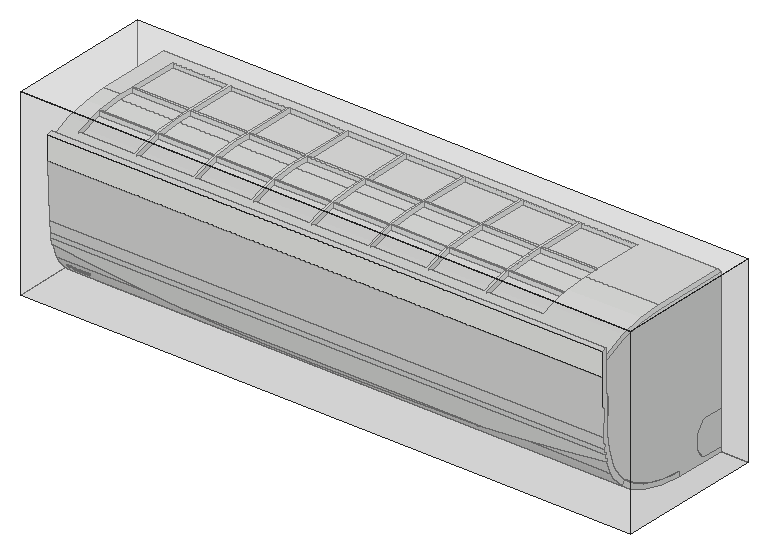
Revit family "outputfile", category 機械設備, Revit 2024
Family settings
  丸型コネクタ寸法 = 半径を使用
  パーツ タイプ = 標準
  OmniClass 番号 = 23.75.10.24.21.27.27
  OmniClass タイトル = Split System Air Conditioning Units
  作業面ベース = いいえ
  常に垂直 = はい
  ロード時にボイドで切り取り = いいえ
  注釈の向きを維持 = いいえ
  共有 = いいえ
  部屋計算ポイント = いいえ
Parameters (values of type "CTKC50WVMG")
  Description = ""
  書き出し IFC クラス(タイプ) = "IfcUnitaryEquipmentType"
  定義済み IFC タイプ(タイプ) = "AIRCONDITIONINGUNIT"
  Cost = 0
  Type Comments = ""
  Keynote = ""
  Type Image = (empty or 0)
  Assembly Code = ""
  w_wall hole = if(Width = 770.0 mm, 48.0 mm, 60.0 mm)  # 60.0 mm
  switch_frequency = yes
  h_liquidpipe_length = if(Width = 770.0 mm, 50.0 mm, 40.0 mm)  # 40.0 mm
  h_gaspipe_length = if(Width = 770.0 mm, 40.0 mm, 50.0 mm)  # 50.0 mm
  製造元 = "Daikin"
  モデル = "CTKC50WVMG"
  r_Liquid Pipe Size = Liquid Pipe Size / 2  # 3.2 mm
  r_Gas Pipe Size = Gas Pipe Size / 2  # 6.35 mm
  r_Drain Pipe Size = Drain Pipe Size / 2  # 8.0 mm
  lw_powersupply [instance] = if(Width = 770.0 mm, if(or(Rear Right Connection_refrigerant, Bottom Right Connection_refrigerant), 25.0 mm, if(or(Rear Left Connection_refrigerant, Bottom Left Connection_refrigerant), 745.0 mm, 400.0 mm)), if(Width = 990.0 mm, if(or(Rear Right Connection_refrigerant, Bottom Right Connection_refrigerant), 40.0 mm, if(or(Rear Left Connection_refrigerant, Bottom Left Connection_refrigerant), 920.0 mm, 400.0 mm)), if(or(Rear Right Connection_refrigerant, Bottom Right Connection_refrigerant), 40.0 mm, if(or(Rear Left Connection_refrigerant, Bottom Left Connection_refrigerant), 920.0 mm, 400.0 mm))))  # 400.0 mm
  lw_liquidpipe [instance] = if(Width = 770.0 mm, if(or(Rear Right Connection_refrigerant, Bottom Right Connection_refrigerant), 0.0 mm, if(or(Rear Left Connection_refrigerant, Bottom Left Connection_refrigerant), 664.0 mm, 385.0 mm)), if(Width = 990.0 mm, if(or(Rear Right Connection_refrigerant, Bottom Right Connection_refrigerant), 0.0 mm, if(or(Rear Left Connection_refrigerant, Bottom Left Connection_refrigerant), 664.0 mm + (990.0 mm - 770.0 mm), 475.0 mm)), if(or(Rear Right Connection_refrigerant, Bottom Right Connection_refrigerant), 0.0 mm, if(or(Rear Left Connection_refrigerant, Bottom Left Connection_refrigerant), 664.0 mm + (990.0 mm - 770.0 mm), 475.0 mm))))  # 475.0 mm
  lw_gaspipe [instance] = if(Width = 770.0 mm, if(or(Rear Right Connection_refrigerant, Bottom Right Connection_refrigerant), 0.0 mm, if(or(Rear Left Connection_refrigerant, Bottom Left Connection_refrigerant), 675.0 mm, if(Gas Pipe Size = 12.7 mm, 345.0 mm, 335.0 mm))), if(Width = 990.0 mm, if(or(Rear Right Connection_refrigerant, Bottom Right Connection_refrigerant), 10.0 mm, if(or(Rear Left Connection_refrigerant, Bottom Left Connection_refrigerant), 890.0 mm, if(Gas Pipe Size = 15.9 mm, 410.0 mm, 400.0 mm))), if(or(Rear Right Connection_refrigerant, Bottom Right Connection_refrigerant), 10.0 mm, if(or(Rear Left Connection_refrigerant, Bottom Left Connection_refrigerant), 890.0 mm, if(Gas Pipe Size = 15.9 mm, 410.0 mm, 400.0 mm)))))  # 400.0 mm
  lw_drainpipe [instance] = if(Width = 770.0 mm, if(or(Rear Right Connection_refrigerant, Bottom Right Connection_refrigerant), 0.0 mm, if(or(Rear Left Connection_refrigerant, Bottom Left Connection_refrigerant), 770.0 mm - 48.0 mm - 48.0 mm, 440.0 mm)), if(Width = 990.0 mm, if(or(Rear Right Connection_refrigerant, Bottom Right Connection_refrigerant), 0.0 mm, if(or(Rear Left Connection_refrigerant, Bottom Left Connection_refrigerant), 675.0 mm + (990.0 mm - 770.0 mm), 435.0 mm)), if(or(Rear Right Connection_refrigerant, Bottom Right Connection_refrigerant), 0.0 mm, if(or(Rear Left Connection_refrigerant, Bottom Left Connection_refrigerant), 675.0 mm + (990.0 mm - 770.0 mm), 435.0 mm))))  # 435.0 mm
  l_powersupply_length [instance] = if(Width = 770.0 mm, if(Right Connection_refrigerant, 400.0 mm, if(Left Connection_refrigerant, 770.0 mm - 400.0 mm, if(or(Rear Left Connection_refrigerant, Rear Right Connection_refrigerant), 15.0 mm, 50.0 mm))), if(Width = 990.0 mm, if(Right Connection_refrigerant, 400.0 mm, if(Left Connection_refrigerant, 990.0 mm - 400.0 mm, if(or(Rear Left Connection_refrigerant, Rear Right Connection_refrigerant), 15.0 mm, 50.0 mm))), if(Right Connection_refrigerant, 400.0 mm, if(Left Connection_refrigerant, 990.0 mm - 400.0 mm, if(or(Rear Left Connection_refrigerant, Rear Right Connection_refrigerant), 15.0 mm, 50.0 mm)))))  # 400.0 mm
  l_liquidpipe_length [instance] = if(Width = 770.0 mm, if(Right Connection_refrigerant, 433.0 mm, if(Left Connection_refrigerant, 337.0 mm, if(or(Rear Left Connection_refrigerant, Rear Right Connection_refrigerant), 30.0 mm, 50.0 mm))), if(Width = 990.0 mm, if(Right Connection_refrigerant, 535.0 mm, if(Left Connection_refrigerant, 455.0 mm, if(or(Rear Left Connection_refrigerant, Rear Right Connection_refrigerant), 30.0 mm, 40.0 mm))), if(Right Connection_refrigerant, 535.0 mm, if(Left Connection_refrigerant, 455.0 mm, if(or(Rear Left Connection_refrigerant, Rear Right Connection_refrigerant), 30.0 mm, 40.0 mm)))))  # 535.0 mm
  l_gaspipe_length [instance] = if(Width = 770.0 mm, if(Right Connection_refrigerant, if(Gas Pipe Size = 12.7 mm, 393.0 mm, 383.0 mm), if(Left Connection_refrigerant, if(Gas Pipe Size = 12.7 mm, 770.0 mm - 393.0 mm, 770.0 mm - 383.0 mm), if(or(Rear Left Connection_refrigerant, Rear Right Connection_refrigerant), 40.0 mm, 40.0 mm))), if(Width = 990.0 mm, if(Right Connection_refrigerant, if(Gas Pipe Size = 15.9 mm, 470.0 mm, 460.0 mm), if(Left Connection_refrigerant, if(Gas Pipe Size = 15.9 mm, 990.0 mm - 470.0 mm, 990.0 mm - 460.0 mm), if(or(Rear Left Connection_refrigerant, Rear Right Connection_refrigerant), 40.0 mm, 50.0 mm))), if(Right Connection_refrigerant, if(Gas Pipe Size = 15.9 mm, 470.0 mm, 460.0 mm), if(Left Connection_refrigerant, if(Gas Pipe Size = 15.9 mm, 990.0 mm - 470.0 mm, 990.0 mm - 460.0 mm), if(or(Rear Left Connection_refrigerant, Rear Right Connection_refrigerant), 40.0 mm, 50.0 mm)))))  # 460.0 mm
  l_drainpipe_length [instance] = if(Width = 770.0 mm, if(Right Connection_refrigerant, 488.0 mm, if(Left Connection_refrigerant, 282.0 mm, if(or(Rear Left Connection_refrigerant, Rear Right Connection_refrigerant), 15.0 mm, 20.0 mm))), if(Width = 990.0 mm, if(Right Connection_refrigerant, 495.0 mm, if(Left Connection_refrigerant, 495.0 mm, if(or(Rear Left Connection_refrigerant, Rear Right Connection_refrigerant), 15.0 mm, 20.0 mm))), if(Right Connection_refrigerant, 495.0 mm, if(Left Connection_refrigerant, 495.0 mm, if(or(Rear Left Connection_refrigerant, Rear Right Connection_refrigerant), 15.0 mm, 20.0 mm)))))  # 495.0 mm
  h*** = 0.0 mm  # constant formula
  connector_voltage = Voltage_50Hz  # 230 V
  connector_powerinput = [Power Input (Cooling)]  # 40.000 kW
  connector_phase = Phase_50Hz  # 1
  angle_vertical [instance] = if(or(Bottom Left Connection_refrigerant, Bottom Right Connection_refrigerant), 0.00°, 90.00°)  # 90.00°
  angle_horizontal [instance] = if(Right Connection_refrigerant, 90.00°, if(Left Connection_refrigerant, -90.00°, if(or(Rear Left Connection_refrigerant, Rear Right Connection_refrigerant), 180.00°, 0.00°)))  # 90.00°
  Width = 990.0 mm
  Voltage_comment_50Hz = "220 - 240"
  Voltage_50Hz = 230 V
  Version = "ver.1.0"
  Unit Type = "Wall Mounted"
  Unit Mass Weight = 12.00 kg
  Unit Designation [instance] = ""
  Uniclass2015Version = "Products v1.30"
  Uniclass2015Title = "Split coil room air conditioning units"
  Uniclass2015Code = "Pr_70_65_03_86"
  URL = ""
  Total Cooling Capacity [instance] = 0.000 kW
  Sound Pressure Level_M speed (dBA) = 40
  Sound Pressure Level_L speed (dBA) = 35
  Sound Pressure Level_H speed (dBA) = 44
  Sound Power Level_H speed (dB) = 0
  Series = "Multi Split_Fan Coil Unit"
  Sensible Cooling Capacity [instance] = 0.000 kW
  Refrigerant Type = "R32"
  Power Input (Cooling) = 40.000 kW
  Phase_50Hz = 1
  Option Accessory 3 [instance] = ""
  Option Accessory 2 [instance] = ""
  Option Accessory 1 [instance] = ""
  Nominal Cooling Capacity = 5.000 kW
  Minimum Circuit Amps_50Hz = 0.0 A
  Minimum Airflow = 900.00 m³/h
  Median Airflow = 1032.00 m³/h
  Maximum Fuse Amps_50Hz = 0.0 A
  Maximum Airflow = 1152.00 m³/h
  Material_Casing = DAIKIN_White_Casing_indoorunit
  Load Classification = HVAC
  Liquid Pipe Size = 6.4 mm
  Link_Nested Family [instance] = ""
  IfcVersion = ""
  IfcExportType = "AIRCONDITIONINGUNIT"
  IfcExportAs = "IfcUnitaryEquipmentType"
  Height = 295.0 mm
  Heat Exchanger Type = "Cross Fin Coil"
  Gas Pipe Size = 12.7 mm
  Frequency_50Hz = 50 Hz
  Fan Type = "Cross Flow Fan"
  Fan Drive = "Direct Drive"
  FCU Tag No. [instance] = ""
  Drain Pipe Size = 16.0 mm
  Design Supply Airflow [instance] = 0.00 m³/h
  Depth = 263.0 mm
  既定の高さ = 0.0 mm
  Cooling Entering Wet Bulb Temperature [instance] = 0.00 °C
  Cooling Entering Dry Bulb Temperature [instance] = 0.00 °C
  Cooling Ambient Wet Bulb Temperature [instance] = 0.00 °C
  Cooling Ambient Dry Bulb Temperature [instance] = 0.00 °C
  Clearance visibility [instance] = yes
  Clearance Top = 30.0 mm
  Clearance Right = 50.0 mm
  Clearance Rear = 0.0 mm
  Clearance Left = 50.0 mm
  Clearance Front = 0.0 mm
  Clearance Bottom = 0.0 mm
  Bottom Right Connection_refrigerant [instance] = no
  Bottom Left Connection_refrigerant [instance] = no
  Rear Right Connection_refrigerant [instance] = no
  Rear Left Connection_refrigerant [instance] = no
  Right Connection_refrigerant [instance] = yes
  Left Connection_refrigerant [instance] = no
Reference planes
  plane 1 "Back": y = 0
  plane 2: z = 0
  plane 3 "Center (Left/Right)": x = 0
  plane 4 "Center (Front/Back)": y = -131.5
  plane 5 "Front": y = -263
  plane 6 "Left": x = -495
  plane 7 "Right": x = 495
  plane 8 "Top": z = 0
  plane 9 "Bottom": z = -295
  plane 10: x = -545
  plane 11: x = 545
  plane 12: y = 0
  plane 13: y = -263
  plane 14: z = 30
  plane 15: z = -295
  plane 16 "lw_Piping and Wiring intake": x = 435
  plane 17 "lw_gaspipe": x = 35
  plane 18 "lw_liquidpipe": x = -40
  plane 19 "lw_drainpipe": x = 0
  plane 20 "lh_drainpipe": z = -275
  plane 21 "lh_liquidpipe": z = -255
  plane 22 "lh_gaspipe": z = -245
  plane 23 "ld_drainpipe": y = -15
  plane 24 "ld_liquidpipe": y = -30
  plane 25 "ld_gaspipe": y = -40
  plane 26 "lw_powersupply": x = 95
  plane 27 "lh_powersupply": z = -245
Dimensions and locks
  equal spacing: plane 6 "Left", plane 3 "Center (Left/Right)", plane 7 "Right"
  "Width": plane 6 "Left" to plane 7 "Right"
  equal spacing: plane 5 "Front", plane 4 "Center (Front/Back)", plane 1 "Back"
  "Depth": plane 5 "Front" to plane 1 "Back"
  "Height": plane 8 "Top" to plane 9 "Bottom"
  "Clearance Rear": plane 12 to plane 1 "Back"
  "Clearance Front": plane 13 to plane 5 "Front"
  "Clearance Top": plane 14 to plane 8 "Top"
  "Clearance Bottom": plane 9 "Bottom" to plane 15
  "w_wall hole": plane 16 "lw_Piping and Wiring intake" to plane 7 "Right"
  "lw_gaspipe": plane 17 "lw_gaspipe" to plane 16 "lw_Piping and Wiring intake"
  "lw_liquidpipe": plane 18 "lw_liquidpipe" to plane 16 "lw_Piping and Wiring intake"
  "lw_drainpipe": plane 19 "lw_drainpipe" to plane 16 "lw_Piping and Wiring intake"
  locked: plane 20 "lh_drainpipe" to plane 9 "Bottom" at 20
  "h_liquidpipe_length": plane 21 "lh_liquidpipe" to plane 9 "Bottom"
  "h_gaspipe_length": plane 22 "lh_gaspipe" to plane 9 "Bottom"
  locked: plane 23 "ld_drainpipe" to plane 1 "Back" at 15
  locked: plane 1 "Back" to plane 24 "ld_liquidpipe" at 30
  locked: plane 1 "Back" to plane 25 "ld_gaspipe" at 40
  "lw_powersupply": plane 26 "lw_powersupply" to plane 7 "Right"
  "Clearance Right": plane 7 "Right" to plane 11
  "Clearance Left": plane 10 to plane 6 "Left"
  locked: plane 27 "lh_powersupply" to plane 9 "Bottom" at 50
  aligned and locked: level to plane 2
  aligned and locked: plane 12 to nested 1
  aligned and locked: nested 1 to plane 13
  aligned and locked: plane 10 to nested 1
  aligned and locked: plane 11 to nested 1
  aligned and locked: plane 15 to nested 1
  aligned and locked: plane 14 to nested 1
  aligned and locked: plane 17 "lw_gaspipe" to nested 2
  aligned and locked: nested 2 to plane 25 "ld_gaspipe"
  aligned and locked: plane 18 "lw_liquidpipe" to nested 3
  aligned and locked: nested 3 to plane 24 "ld_liquidpipe"
  aligned and locked: plane 19 "lw_drainpipe" to nested 4
  aligned and locked: nested 4 to plane 23 "ld_drainpipe"
  aligned and locked: nested 5 to plane 23 "ld_drainpipe"
  aligned and locked: plane 26 "lw_powersupply" to nested 5
  aligned and locked: level to plane 8 "Top"
  aligned and locked: plane 3 "Center (Left/Right)" to nested 6
  aligned and locked: plane 1 "Back" to nested 6
  aligned and locked: plane 8 "Top" to nested 6
Nested families
  nested 1: "daikin_clearancespace" at (0, -131.5, -132.381), show <- "Clearance visibility", visible <- "Clearance visibility", Link_Nested Family <- "Link_Nested Family", type "daikin_clearancespace"
    with width 1090.0 mm, show yes, height 325.0 mm, depth 263.0 mm, Link_Nested Family ""
  nested 2: "daikin_connector_rotate3" at (35, -40, -245), angle_vertical <- "angle_vertical", angle_horizontal <- "angle_horizontal", length <- "l_gaspipe_length", radius <- "r_Gas Pipe Size", type "daikin_connector_rotate3"
    with show no, radius 6.35 mm, length 460.0 mm, angle_vertical 90.00°, angle_horizontal 90.00°
  nested 3: "daikin_connector_rotate3" at (-40, -30, -255), angle_vertical <- "angle_vertical", angle_horizontal <- "angle_horizontal", radius <- "r_Liquid Pipe Size", length <- "l_liquidpipe_length", type "daikin_connector_rotate3"
    with show no, radius 3.2 mm, length 535.0 mm, angle_vertical 90.00°, angle_horizontal 90.00°
  nested 4: "daikin_connector_rotate3" at (0, -15, -275), angle_vertical <- "angle_vertical", angle_horizontal <- "angle_horizontal", length <- "l_drainpipe_length", radius <- "r_Drain Pipe Size", type "daikin_connector_rotate3"
    with show no, radius 8.0 mm, length 495.0 mm, angle_vertical 90.00°, angle_horizontal 90.00°
  nested 5: "daikin_connector_rotate3" at (95, -15, -245), angle_vertical <- "angle_vertical", angle_horizontal <- "angle_horizontal", length <- "l_powersupply_length", type "daikin_connector_rotate3"
    with show no, radius 10.0 mm, length 400.0 mm, angle_vertical 90.00°, angle_horizontal 90.00°
  nested 6: "DAIKIN_indoorunit_CTKC-WVMG" at (-31, 0, 0), type "CTKC-WVMG"
    with switch_unit1_50-71 yes, switch_unit1_20-46 no, Width 990.0 mm, WALL HOLE-R 60.0 mm, WALL HOLE Size 80.0 mm, Height 295.0 mm
Connectors
  piping at (495, -40, -245), diameter 12.7, driven by "r_Gas Pipe Size"
    settings: on nested 2, index 1, connector inside diameter 609.6 mm, connector length 0.0 mm, flow factor 0, pipe flow 0.00 m³/h, pressure drop 0.0 Pa, fitting loss kfactor 0, connector angle 0.00°, fixture units 0, engagement length 0.0 mm, angle of deflection 0.00°, flow configuration 1, flow direction 2, fitting loss method 0, system type 29, joint type 0, gender type 0, connector reference index -1, connector utility 0, adjustable connector no, is connector primary yes, connector description "Refrigerant Gas Piping"
  piping at (495, -30, -255), diameter 6.4, driven by "r_Liquid Pipe Size"
    settings: on nested 3, index 2, connector inside diameter 609.6 mm, connector length 0.0 mm, flow factor 0, pipe flow 0.00 m³/h, pressure drop 0.0 Pa, fitting loss kfactor 0, connector angle 0.00°, fixture units 0, engagement length 0.0 mm, angle of deflection 0.00°, flow configuration 1, flow direction 1, fitting loss method 0, system type 29, joint type 0, gender type 0, connector reference index -1, connector utility 0, adjustable connector no, is connector primary no, connector description "Refrigerant Liquid Piping"
  piping at (495, -15, -275), diameter 16, driven by "r_Drain Pipe Size"
    settings: on nested 4, index 3, connector inside diameter 609.6 mm, connector length 0.0 mm, flow factor 0, pipe flow 0.00 m³/h, pressure drop 0.0 Pa, fitting loss kfactor 0, connector angle 0.00°, fixture units 0, engagement length 0.0 mm, angle of deflection 0.00°, flow configuration 1, flow direction 2, fitting loss method 4, system type 16, joint type 0, gender type 0, connector reference index -1, connector utility 0, adjustable connector no, is connector primary no, connector description "Condensate Drain Piping"
  electrical at (495, -15, -245), driven by "Load Classification", driven by "connector_voltage", driven by "connector_powerinput", driven by "connector_phase"
    settings: on nested 5, index 4, voltage 230 V, apparent load 40000 VA, apparent load phase1 0 VA, apparent load phase2 0 VA, apparent load phase3 0 VA, power factor 1, load classification "HVAC", number of poles 1, system type 30, power factor state 1, is connector primary yes, connector utility no, sub classification motor no, connector description "Power Supply"
Definition of nested family "daikin_clearancespace"
  Parameters (values of type "daikin_clearancespace")
    Description = "daikin_clearancespace"
    width [instance] = 1823.963 mm
    show [instance] = yes
    material = none
    height [instance] = 1359.762 mm
    depth [instance] = 880.0 mm
    Default Elevation = 0.0 mm
    Link_Nested Family [instance] = ""
  Reference planes
    plane 1 "Center (Front/Back)": y = 0
    plane 2 "Center (Elevation)": z = -0.119
    plane 3 "Center (Left/Right)": x = 0
    plane 4: y = 440
    plane 5: y = -440
    plane 6 "Right": x = 911.982
    plane 7 "Left": x = -911.982
    plane 8 "Top": z = 679.762
    plane 9 "Bottom": z = -680
  Forms (mm)
    Extrusion 1, solid, material <- "material", visible <- "show"
      sketch origin (0, 0, 0) x (1, 0, 0) y (0, 1, 0)
        loop
          line (-911.982, 440) -> (-911.982, -440) -> (911.982, -440) -> (911.982, 440) -> (-911.982, 440)
      from -680 to 679.762
  Lines and regions (mm)
    symbolic lines, visible <- "show"
      curve 1: line (911.982, 440, 0) -> (-911.982, 440, 0)
      curve 2: line (-911.982, 440, 0) -> (-911.982, -440, 0)
      curve 3: line (-911.982, -440, 0) -> (911.982, -440, 0)
      curve 4: line (911.982, -440, 0) -> (911.982, 440, 0)
      curve 5: line (911.982, 0, 679.762) -> (-911.982, 0, 679.762)
      curve 6: line (911.982, 0, -680) -> (911.982, 0, 679.762)
      curve 7: line (-911.982, 0, -680) -> (911.982, 0, -680)
      curve 8: line (-911.982, 0, 679.762) -> (-911.982, 0, -680)
      curve 9: line (0, 440, 679.762) -> (0, -440, 679.762)
      curve 10: line (0, -440, 679.762) -> (0, -440, -680)
      curve 11: line (0, 440, -680) -> (0, 440, 679.762)
      curve 12: line (0, -440, -680) -> (0, 440, -680)
  Dimensions and locks
    "width": plane 7 "Left" to plane 6 "Right"
    "depth": plane 4 to plane 5
    "height": plane 8 "Top" to plane 9 "Bottom"
    equal spacing: plane 7 "Left", plane 3 "Center (Left/Right)", plane 6 "Right"
    equal spacing: plane 4, plane 1 "Center (Front/Back)", plane 5
    equal spacing: plane 8 "Top", plane 2 "Center (Elevation)", plane 9 "Bottom"
    aligned and locked: level to plane 2 "Center (Elevation)"
    aligned and locked: Extrusion 1 sketch curve to plane 4
    aligned and locked: plane 7 "Left" to Extrusion 1 sketch curve
    aligned and locked: Extrusion 1 sketch curve to plane 5
    aligned and locked: Extrusion 1 sketch curve to plane 6 "Right"
    aligned and locked: plane 8 "Top" to Extrusion 1
    aligned and locked: curve 1 to Extrusion 1
    aligned and locked: curve 2 to Extrusion 1
    aligned and locked: curve 3 to Extrusion 1
    aligned and locked: curve 4 to Extrusion 1
    aligned and locked: curve 5 to Extrusion 1
    aligned and locked: curve 6 to Extrusion 1
    aligned and locked: curve 7 to Extrusion 1
    aligned and locked: curve 8 to Extrusion 1
    aligned and locked: curve 9 to Extrusion 1
    aligned and locked: curve 10 to Extrusion 1
    aligned and locked: curve 11 to Extrusion 1
    aligned and locked: curve 12 to Extrusion 1
    aligned and locked: Extrusion 1 to plane 9 "Bottom"
Definition of nested family "DAIKIN_indoorunit_CTKC-WVMG"
  Parameters (values of type "FTKM-QVMA")
    switch_unit1_50-71 = Width = 990.0 mm  # no
    switch_unit1_20-46 = Width = 770.0 mm  # yes
    Width = 770.0 mm
    WALL HOLE-R = if(Width = 770.0 mm, 48.0 mm, 60.0 mm)  # 48.0 mm
    WALL HOLE Size = if(Width = 770.0 mm, 65.0 mm, 80.0 mm)  # 65.0 mm
    Material_Casing = none
    Height = if(Width = 770.0 mm, 285.0 mm, 295.0 mm)  # 285.0 mm
    Default Elevation = 0.0 mm
  Reference planes
    plane 1 "Center (Front/Back)": y = 0
    plane 2 "reference_level": z = 0
    plane 3 "Center (Left/Right)": x = 31
    plane 4: x = -354
    plane 5: x = 416
    plane 6: z = -285
  Forms (mm)
    Extrusion 1, solid, material <- "Material_Casing", visible <- "switch_unit1_20-46"
      sketch origin (29, 0, 0) x (0, 1, 0) y (0, 0, 1)
        loop
          line (-5, 0) -> (-98, 0)
          arc (-98, 0) -> (-157.611, -7.211) -> (-213.783, -28.427) r 250
          arc (-213.783, -28.427) -> (-213.842, -32.972) -> (-213.892, -37.516) r 2191
          arc (-213.892, -37.516) -> (-157.832, -15.495) -> (-98.07, -8) r 242
          line (-98.07, -8) -> (0, -8) -> (-5, 0)
      from -383 to 387
    Extrusion 2, solid, material <- "Material_Casing", visible <- "switch_unit1_20-46"
      sketch origin (416, 1296.25, 1200) x (0, 1, 0) y (0, 0, 1)
        loop
          line (-1472.998, -1446.91) -> (-1476.998, -1453.839)
          arc (-1476.998, -1453.839) -> (-1437.481, -1472.422) -> (-1395.25, -1483.538) r 240
          line (-1395.25, -1483.538) -> (-1395.25, -1475.422)
          arc (-1395.25, -1475.422) -> (-1435.407, -1464.663) -> (-1472.998, -1446.91) r 232
      from 0 to -47.5
    Extrusion 3, solid, material <- "Material_Casing", visible <- "switch_unit1_20-46"
      sketch origin (29, 0, 0) x (0, 1, 0) y (0, 0, 1)
        loop
          arc (-223, -60.455) -> (-222.414, -110.646) -> (-220.656, -160.81) r 2149.92
          arc (-220.656, -160.81) -> (-219.65, -174.299) -> (-217.853, -187.706) r 229.911
          arc (-217.853, -187.706) -> (-205.371, -223.594) -> (-181.517, -253.17) r 111
          line (-181.517, -253.17) -> (-177.429, -246.093)
          arc (-177.429, -246.093) -> (-198.77, -218.989) -> (-209.965, -186.36) r 103
          arc (-209.965, -186.36) -> (-211.681, -173.586) -> (-212.651, -160.735) r 221.844
          arc (-212.651, -160.735) -> (-214.739, -93.233) -> (-214.74, -25.699) r 2186.828
          arc (-214.74, -25.699) -> (-214.671, -21.467) -> (-214.594, -17.235) r 2192
          line (-214.594, -17.235) -> (-223, -19.961) -> (-223, -60.455)
      from -383 to 387
    Extrusion 4, solid, material <- "Material_Casing", visible <- "switch_unit1_20-46"
      sketch origin (29, 0, 0) x (0, 1, 0) y (0, 0, 1)
        loop
          line (-181.517, -253.17) -> (-179.597, -249.846)
          arc (-179.597, -249.846) -> (-202.009, -221.399) -> (-213.189, -186.952) r 103
          line (-213.189, -186.952) -> (-217.853, -187.706)
          arc (-217.853, -187.706) -> (-217.533, -189.556) -> (-217.182, -191.4) r 111
          arc (-217.182, -191.4) -> (-213.806, -208.181) -> (-210.362, -224.948) r 4257.809
          arc (-210.362, -224.948) -> (-198.886, -237.857) -> (-186.225, -249.607) r 180
          line (-186.225, -249.607) -> (-181.517, -253.17)
      from -383 to 387
    Extrusion 5, solid, material <- "Material_Casing", visible <- "switch_unit1_20-46"
      sketch origin (29, 0, -20) x (0, 1, 0) y (0, 0, 1)
        loop
          line (0, -265) -> (0, 12) -> (-98.07, 12)
          arc (-98.07, 12) -> (-157.832, 4.505) -> (-213.892, -17.516) r 242
          arc (-213.892, -17.516) -> (-213.638, -79.114) -> (-211.653, -140.681) r 2191
          arc (-211.653, -140.681) -> (-210.685, -153.501) -> (-208.973, -166.243) r 221
          arc (-208.973, -166.243) -> (-197.471, -199.282) -> (-175.482, -226.491) r 102
          arc (-175.482, -226.491) -> (-138.004, -244.019) -> (-98, -254.579) r 231
          line (-98, -254.579) -> (-98, -265) -> (0, -265)
      from -383 to 387
    Extrusion 6, solid, material <- "Material_Casing", visible <- "switch_unit1_20-46"
      sketch origin (-354, 1296.25, 1200) x (0, 1, 0) y (0, 0, 1)
        loop
          line (-1472.998, -1446.91) -> (-1476.998, -1453.839)
          arc (-1476.998, -1453.839) -> (-1437.481, -1472.422) -> (-1395.25, -1483.538) r 240
          line (-1395.25, -1483.538) -> (-1395.25, -1475.422)
          arc (-1395.25, -1475.422) -> (-1435.407, -1464.663) -> (-1472.998, -1446.91) r 232
      from 47 to 0
    Extrusion 7, solid, material <- "Material_Casing", visible <- "switch_unit1_20-46"
      sketch origin (416, 1296.25, 1200) x (0, 1, 0) y (0, 0, 1)
        loop
          line (-1472.998, -1446.91) -> (-1476.998, -1453.839)
          arc (-1476.998, -1453.839) -> (-1443.437, -1470.168) -> (-1407.75, -1481.097) r 240
          line (-1407.75, -1481.097) -> (-1407.75, -1472.894)
          arc (-1407.75, -1472.894) -> (-1441.363, -1462.385) -> (-1472.998, -1446.91) r 232
      from -116.993 to -48.493
    Extrusion 8, solid, material <- "Material_Casing", visible <- "switch_unit1_20-46"
      sketch origin (416, 1296.25, 1200) x (0, 1, 0) y (0, 0, 1)
        loop
          line (-1472.998, -1446.91) -> (-1476.998, -1453.839)
          arc (-1476.998, -1453.839) -> (-1443.437, -1470.168) -> (-1407.75, -1481.097) r 240
          line (-1407.75, -1481.097) -> (-1407.75, -1472.894)
          arc (-1407.75, -1472.894) -> (-1441.363, -1462.385) -> (-1472.998, -1446.91) r 232
      from -717 to -121.993
    Extrusion 9, void
      sketch origin (31, 0, -235) x (1, 0, 0) y (0, 1, 0)
        loop
          line (-252.674, -22.316) -> (-354.941, -22.316) -> (-354.941, -91.341) -> (-252.674, -91.341) -> (-252.674, -22.316)
        loop
          line (-249.341, -91.341) -> (-151.574, -91.341) -> (-151.574, -22.316) -> (-249.341, -22.316) -> (-249.341, -91.341)
        loop
          line (58.309, -22.316) -> (-148.309, -22.316) -> (-148.309, -91.341) -> (58.309, -91.341) -> (58.309, -22.316)
        loop
          line (61.689, -22.316) -> (61.689, -91.341) -> (159.457, -91.341) -> (159.457, -22.316) -> (61.689, -22.316)
        loop
          line (162.789, -22.316) -> (162.789, -91.341) -> (265.057, -91.341) -> (265.057, -22.316) -> (162.789, -22.316)
        loop
          line (-354.941, -94.659) -> (-354.941, -165.259) -> (-252.674, -165.259) -> (-252.674, -94.659) -> (-354.941, -94.659)
        loop
          line (-249.341, -94.659) -> (-249.341, -165.259) -> (-151.574, -165.259) -> (-151.574, -94.659) -> (-249.341, -94.659)
        loop
          line (-148.309, -94.659) -> (-148.309, -165.259) -> (58.309, -165.259) -> (58.309, -94.659) -> (-148.309, -94.659)
        loop
          line (61.689, -94.659) -> (61.689, -165.259) -> (159.457, -165.259) -> (159.457, -94.659) -> (61.689, -94.659)
        loop
          line (162.789, -94.659) -> (162.789, -165.259) -> (265.057, -165.259) -> (265.057, -94.659) -> (162.789, -94.659)
        loop
          line (-354.941, -167.382) -> (-354.941, -192.681) -> (-252.674, -192.681) -> (-252.674, -167.382) -> (-354.941, -167.382)
        loop
          line (-249.341, -167.382) -> (-249.341, -192.681) -> (-151.574, -192.681) -> (-151.574, -167.382) -> (-249.341, -167.382)
        loop
          line (-148.309, -167.382) -> (-148.309, -192.681) -> (58.309, -192.681) -> (58.309, -167.382) -> (-148.309, -167.382)
        loop
          line (159.457, -167.382) -> (61.689, -167.382) -> (61.689, -192.681) -> (159.457, -192.681) -> (159.457, -167.382)
        loop
          line (265.057, -167.382) -> (162.789, -167.382) -> (162.789, -192.681) -> (265.057, -192.681) -> (265.057, -167.382)
      from 201.638 to 250
    Extrusion 10, void
      sketch origin (31, 0, 0) x (1, 0, 0) y (0, 0, 1)
        loop
          arc (597, -174.907) -> (0.056, -245.263) -> (-597, -175.856) r 2585.042
          line (-597, -175.856) -> (-597, -352.872) -> (597, -352.872) -> (597, -174.907)
      from 173 to 315.3
    Extrusion 11, solid, material <- "Material_Casing"
      sketch origin (31, 0, 0) x (1, 0, 0) y (0, 0, 1)
        loop
          circle (337, -240.5) r 32.5
        loop
          circle (-337, -240.5) r 32.5
      from 0 to 5
    Extrusion 12, solid, material <- "Material_Casing", visible <- "switch_unit1_20-46"
      sketch origin (416, 1296.25, 1200) x (0, -1, 0) y (0, 0, 1)
        loop
          line (1326.25, -1417) -> (1296.25, -1417) -> (1296.25, -1477) -> (1326.25, -1477)
          arc (1326.25, -1477) -> (1340.393, -1471.142) -> (1346.25, -1457) r 20
          line (1346.25, -1457) -> (1346.25, -1437)
          arc (1346.25, -1437) -> (1340.393, -1422.858) -> (1326.25, -1417) r 20
      from 0 to 5
    Extrusion 13, solid, material <- "Material_Casing", visible <- "switch_unit1_20-46"
      sketch origin (-354, 1296.25, 1200) x (0, 1, 0) y (0, 0, 1)
        loop
          line (-1296.25, -1417) -> (-1326.25, -1417)
          arc (-1326.25, -1417) -> (-1340.393, -1422.858) -> (-1346.25, -1437) r 20
          line (-1346.25, -1437) -> (-1346.25, -1457)
          arc (-1346.25, -1457) -> (-1340.393, -1471.142) -> (-1326.25, -1477) r 20
          line (-1326.25, -1477) -> (-1296.25, -1477) -> (-1296.25, -1417)
      from 0 to 5
    Extrusion 14, solid, material <- "Material_Casing", visible <- "switch_unit1_20-46"
      sketch origin (31, 0, -285) x (-1, 0, 0) y (0, -1, 0)
        loop
          line (-314, 0) -> (-314, 30)
          arc (-314, 30) -> (-319.858, 44.142) -> (-334, 50) r 20
          line (-334, 50) -> (-354, 50)
          arc (-354, 50) -> (-368.142, 44.142) -> (-374, 30) r 20
          line (-374, 30) -> (-374, 0) -> (-314, 0)
        loop
          line (374, 0) -> (374, 30)
          arc (374, 30) -> (368.142, 44.142) -> (354, 50) r 20
          line (354, 50) -> (334, 50)
          arc (334, 50) -> (319.858, 44.142) -> (314, 30) r 20
          line (314, 30) -> (314, 0) -> (374, 0)
      from 0 to 5
    Extrusion 15, solid, material <- "Material_Casing", visible <- "switch_unit1_50-71"
      sketch origin (31, 0, 0) x (0, 1, 0) y (0, 0, 1)
        loop
          line (-5, 0) -> (-138, 0)
          arc (-138, 0) -> (-197.611, -7.211) -> (-253.783, -28.427) r 250
          arc (-253.783, -28.427) -> (-253.838, -32.687) -> (-253.886, -36.946) r 2191
          arc (-253.886, -36.946) -> (-197.73, -15.346) -> (-138.014, -8) r 246.393
          line (-138.014, -8) -> (0, -8) -> (-5, 0)
      from -495 to 495
    Extrusion 16, solid, material <- "Material_Casing", visible <- "switch_unit1_50-71"
      sketch origin (418, 1296.25, 1200) x (0, 1, 0) y (0, 0, 1)
        loop
          arc (-1515.208, -1454.149) -> (-1506.856, -1460.599) -> (-1497.925, -1466.219) r 110
          arc (-1497.925, -1466.219) -> (-1445.718, -1487.493) -> (-1389.844, -1494.995) r 223
          line (-1389.844, -1494.995) -> (-1389.844, -1486.086) -> (-1404.386, -1486.086)
          arc (-1404.386, -1486.086) -> (-1449.542, -1477.46) -> (-1491.818, -1459.402) r 214.289
          arc (-1491.818, -1459.402) -> (-1501.056, -1453.541) -> (-1509.606, -1446.715) r 101
          line (-1509.606, -1446.715) -> (-1515.208, -1454.149)
      from 108 to 57.5
    Extrusion 17, solid, material <- "Material_Casing", visible <- "switch_unit1_50-71"
      sketch origin (31, 0, 0) x (0, 1, 0) y (0, 0, 1)
        loop
          line (-263, -19.962) -> (-263, -61.6)
          arc (-263, -61.6) -> (-262.414, -110.219) -> (-260.656, -158.81) r 2017.341
          arc (-260.656, -158.81) -> (-255.648, -191.935) -> (-244.041, -223.362) r 164.725
          arc (-244.041, -223.362) -> (-233.569, -239.793) -> (-219.717, -253.495) r 87.379
          line (-219.717, -253.495) -> (-214.706, -246.846)
          arc (-214.706, -246.846) -> (-229.564, -230.029) -> (-240.385, -210.371) r 102
          arc (-240.385, -210.371) -> (-249.049, -182.962) -> (-252.848, -154.467) r 165.789
          arc (-252.848, -154.467) -> (-254.771, -90.102) -> (-254.74, -25.708) r 2122.533
          arc (-254.74, -25.708) -> (-254.671, -21.469) -> (-254.594, -17.23) r 2192
          line (-254.594, -17.23) -> (-263, -19.962)
      from -495 to 495
    Extrusion 18, void
      sketch origin (33, 0, 0) x (1, 0, 0) y (0, 1, 0)
        loop
          line (-466.909, -22.316) -> (-466.909, -111.341) -> (-366.303, -111.341) -> (-366.303, -22.316) -> (-466.909, -22.316)
        loop
          line (-362.71, -22.316) -> (-362.71, -111.341) -> (-262.103, -111.341) -> (-262.103, -22.316) -> (-362.71, -22.316)
        loop
          line (-258.51, -22.316) -> (-258.51, -111.341) -> (-157.904, -111.341) -> (-157.904, -22.316) -> (-258.51, -22.316)
        loop
          line (-154.31, -22.316) -> (-154.31, -111.341) -> (-53.704, -111.341) -> (-53.704, -22.316) -> (-154.31, -22.316)
        loop
          line (-50.11, -22.316) -> (-50.11, -111.341) -> (50.496, -111.341) -> (50.496, -22.316) -> (-50.11, -22.316)
        loop
          line (54.089, -22.316) -> (54.089, -111.341) -> (154.696, -111.341) -> (154.696, -22.316) -> (54.089, -22.316)
        loop
          line (158.289, -22.316) -> (158.289, -111.341) -> (258.895, -111.341) -> (258.895, -22.316) -> (158.289, -22.316)
        loop
          line (262.489, -22.316) -> (262.489, -111.341) -> (363.095, -111.341) -> (363.095, -22.316) -> (262.489, -22.316)
        loop
          line (-466.909, -114.459) -> (-466.909, -185.059) -> (-366.303, -185.059) -> (-366.303, -114.459) -> (-466.909, -114.459)
        loop
          line (-362.71, -114.459) -> (-362.71, -185.059) -> (-262.103, -185.059) -> (-262.103, -114.459) -> (-362.71, -114.459)
        loop
          line (-258.51, -114.459) -> (-258.51, -185.059) -> (-157.904, -185.059) -> (-157.904, -114.459) -> (-258.51, -114.459)
        loop
          line (-154.31, -114.459) -> (-154.31, -185.059) -> (-53.704, -185.059) -> (-53.704, -114.459) -> (-154.31, -114.459)
        loop
          line (-50.11, -114.459) -> (-50.11, -185.059) -> (50.496, -185.059) -> (50.496, -114.459) -> (-50.11, -114.459)
        loop
          line (54.089, -114.459) -> (54.089, -185.059) -> (154.696, -185.059) -> (154.696, -114.459) -> (54.089, -114.459)
        loop
          line (158.289, -114.459) -> (158.289, -185.059) -> (258.895, -185.059) -> (258.895, -114.459) -> (158.289, -114.459)
        loop
          line (262.489, -114.459) -> (262.489, -185.059) -> (363.095, -185.059) -> (363.095, -114.459) -> (262.489, -114.459)
        loop
          line (-466.909, -187.382) -> (-466.909, -232.681) -> (-366.303, -232.681) -> (-366.303, -187.382) -> (-466.909, -187.382)
        loop
          line (-362.71, -187.382) -> (-362.71, -232.681) -> (-262.103, -232.681) -> (-262.103, -187.382) -> (-362.71, -187.382)
        loop
          line (-258.51, -187.382) -> (-258.51, -232.681) -> (-157.904, -232.681) -> (-157.904, -187.382) -> (-258.51, -187.382)
        loop
          line (-154.31, -187.382) -> (-154.31, -232.681) -> (-53.704, -232.681) -> (-53.704, -187.382) -> (-154.31, -187.382)
        loop
          line (-50.11, -187.382) -> (-50.11, -232.681) -> (50.496, -232.681) -> (50.496, -187.382) -> (-50.11, -187.382)
        loop
          line (54.089, -187.382) -> (54.089, -232.681) -> (154.696, -232.681) -> (154.696, -187.382) -> (54.089, -187.382)
        loop
          line (158.289, -187.382) -> (158.289, -232.681) -> (258.895, -232.681) -> (258.895, -187.382) -> (158.289, -187.382)
        loop
          line (262.489, -187.382) -> (262.489, -232.681) -> (363.095, -232.681) -> (363.095, -187.382) -> (262.489, -187.382)
      from -40.013 to 47.268
    Extrusion 19, void
      sketch origin (33, 0, 2300) x (1, 0, 0) y (0, 0, 1)
        loop
          line (705, -2672.872) -> (705, -2462.4)
          arc (705, -2462.4) -> (-2.043, -2534.819) -> (-709, -2461.567) r 3467.757
          line (-709, -2461.567) -> (-709, -2672.872) -> (705, -2672.872)
      from 173 to 315.3
    Extrusion 20, solid, material <- "Material_Casing", visible <- "switch_unit1_50-71"
      sketch origin (-356, 1296.25, 1200) x (0, 1, 0) y (0, 0, -1)
        loop
          line (-1515.208, 1454.149) -> (-1509.606, 1446.715)
          arc (-1509.606, 1446.715) -> (-1501.056, 1453.541) -> (-1491.818, 1459.402) r 101
          arc (-1491.818, 1459.402) -> (-1449.542, 1477.46) -> (-1404.386, 1486.086) r 214.289
          line (-1404.386, 1486.086) -> (-1389.844, 1486.086) -> (-1389.844, 1494.995)
          arc (-1389.844, 1494.995) -> (-1445.718, 1487.493) -> (-1497.925, 1466.219) r 223
          arc (-1497.925, 1466.219) -> (-1506.856, 1460.599) -> (-1515.208, 1454.149) r 110
      from 108 to 61
    Extrusion 21, solid, material <- "Material_Casing", visible <- "switch_unit1_50-71"
      sketch origin (418, 1296.25, 1200) x (0, 1, 0) y (0, 0, 1)
        loop
          arc (-1515.208, -1454.149) -> (-1506.856, -1460.599) -> (-1497.925, -1466.219) r 110
          arc (-1497.925, -1466.219) -> (-1463.185, -1482.066) -> (-1426.25, -1491.755) r 223
          line (-1426.25, -1491.755) -> (-1426.25, -1483.166)
          arc (-1426.25, -1483.166) -> (-1460.008, -1473.969) -> (-1491.818, -1459.402) r 214.289
          arc (-1491.818, -1459.402) -> (-1501.056, -1453.541) -> (-1509.606, -1446.715) r 101
          line (-1509.606, -1446.715) -> (-1515.208, -1454.149)
      from 56.5 to -36.993
    Extrusion 22, solid, material <- "Material_Casing", visible <- "switch_unit1_50-71"
      sketch origin (418, 1296.25, 1200) x (0, 1, 0) y (0, 0, 1)
        loop
          arc (-1426.25, -1483.166) -> (-1443.442, -1479.224) -> (-1460.25, -1473.881) r 214.289
          line (-1460.25, -1473.881) -> (-1460.25, -1483.089)
          arc (-1460.25, -1483.089) -> (-1443.421, -1488.091) -> (-1426.25, -1491.755) r 223
          line (-1426.25, -1491.755) -> (-1426.25, -1483.166)
      from -43.493 to -828.893
    Extrusion 23, solid, material <- "Material_Casing", visible <- "switch_unit1_50-71"
      sketch origin (418, 1296.25, 1200) x (0, 1, 0) y (0, 0, 1)
        loop
          arc (-1515.208, -1454.149) -> (-1506.856, -1460.599) -> (-1497.925, -1466.219) r 110
          arc (-1497.925, -1466.219) -> (-1479.479, -1475.527) -> (-1460.25, -1483.089) r 223
          line (-1460.25, -1483.089) -> (-1460.25, -1473.881)
          arc (-1460.25, -1473.881) -> (-1476.328, -1467.282) -> (-1491.818, -1459.402) r 214.289
          arc (-1491.818, -1459.402) -> (-1501.056, -1453.541) -> (-1509.606, -1446.715) r 101
          line (-1509.606, -1446.715) -> (-1515.208, -1454.149)
      from -43.493 to -828.893
    Extrusion 24, solid, material <- "Material_Casing", visible <- "switch_unit1_50-71"
      sketch origin (31, 0, 0) x (0, 1, 0) y (0, 0, 1)
        loop
          arc (-217.78, -250.924) -> (-234.088, -233.307) -> (-245.826, -212.366) r 102
          arc (-245.826, -212.366) -> (-251.608, -196.062) -> (-255.659, -179.245) r 165.789
          line (-255.659, -179.245) -> (-258.299, -179.737)
          arc (-258.299, -179.737) -> (-257.524, -183.799) -> (-256.646, -187.84) r 164.725
          arc (-256.646, -187.84) -> (-252.868, -206.25) -> (-249.973, -224.82) r 393.089
          arc (-249.973, -224.82) -> (-239.237, -236.969) -> (-227.451, -248.102) r 180
          arc (-227.451, -248.102) -> (-223.723, -250.998) -> (-219.717, -253.495) r 45.878
          line (-219.717, -253.495) -> (-217.78, -250.924)
      from -495 to 495
    Extrusion 25, solid, material <- "Material_Casing", visible <- "switch_unit1_50-71"
      sketch origin (31, 0, -30) x (0, 1, 0) y (0, 0, 1)
        loop
          line (0, 22) -> (-138.014, 22)
          arc (-138.014, 22) -> (-197.73, 14.654) -> (-253.886, -6.946) r 246.393
          arc (-253.886, -6.946) -> (-253.682, -65.635) -> (-251.855, -124.295) r 2120.935
          arc (-251.855, -124.295) -> (-248.086, -152.682) -> (-239.461, -179.988) r 164.789
          arc (-239.461, -179.988) -> (-228.903, -199.231) -> (-214.437, -215.738) r 101
          line (-214.437, -215.738) -> (-212.406, -216.221)
          arc (-212.406, -216.221) -> (-204.07, -222.837) -> (-195.079, -228.53) r 100
          arc (-195.079, -228.53) -> (-145.557, -248.629) -> (-92.593, -255.785) r 213.289
          line (-92.593, -255.785) -> (-92.593, -265) -> (0, -265) -> (0, 22)
      from -495 to 495
    Extrusion 26, solid, material <- "Material_Casing", visible <- "switch_unit1_50-71"
      sketch origin (526, 1296.25, 1200) x (0, -1, 0) y (0, 0, 1)
        loop
          line (1326.25, -1427.035) -> (1296.25, -1427.035) -> (1296.25, -1487.035) -> (1326.25, -1487.035)
          arc (1326.25, -1487.035) -> (1340.393, -1481.177) -> (1346.25, -1467.035) r 20
          line (1346.25, -1467.035) -> (1346.25, -1447.035)
          arc (1346.25, -1447.035) -> (1340.393, -1432.892) -> (1326.25, -1427.035) r 20
      from 0 to 5
    Extrusion 27, solid, material <- "Material_Casing", visible <- "switch_unit1_50-71"
      sketch origin (-459, 1296.25, 1200) x (0, -1, 0) y (0, 0, 1)
        loop
          line (1326.25, -1427.035) -> (1296.25, -1427.035) -> (1296.25, -1487.035) -> (1326.25, -1487.035)
          arc (1326.25, -1487.035) -> (1340.393, -1481.177) -> (1346.25, -1467.035) r 20
          line (1346.25, -1467.035) -> (1346.25, -1447.035)
          arc (1346.25, -1447.035) -> (1340.393, -1432.892) -> (1326.25, -1427.035) r 20
      from 0 to 5
    Extrusion 28, solid, material <- "Material_Casing", visible <- "switch_unit1_50-71"
      sketch origin (31, 200, -295) x (-1, 0, 0) y (0, -1, 0)
        loop
          line (469, 200) -> (469, 230)
          arc (469, 230) -> (463.142, 244.142) -> (449, 250) r 20
          line (449, 250) -> (429, 250)
          arc (429, 250) -> (414.858, 244.142) -> (409, 230) r 20
          line (409, 230) -> (409, 200) -> (469, 200)
        loop
          line (-469, 200) -> (-409, 200) -> (-409, 230)
          arc (-409, 230) -> (-414.858, 244.142) -> (-429, 250) r 20
          line (-429, 250) -> (-449, 250)
          arc (-449, 250) -> (-463.142, 244.142) -> (-469, 230) r 20
          line (-469, 230) -> (-469, 200)
      from 0 to 5
  Cuts and joins
    Extrusion 9 cuts Extrusion 1
    Extrusion 10 cuts Extrusion 4
    joined: Extrusion 3, Extrusion 4
    Extrusion 18 cuts Extrusion 15
    Extrusion 19 cuts Extrusion 24
    joined: Extrusion 17, Extrusion 24
  Lines and regions (mm)
    reference lines
      curve 1: line (-523, -201.911, -229.404) -> (-523, -193.542, -239.977)
      curve 2: line (-523, -240.779, -229.404) -> (-523, -232.411, -239.977)
  Dimensions and locks
    locked: Extrusion 10 sketch curve to Extrusion 10 sketch curve at 1194
    Extrusion 10 sketch curve to Extrusion 10 sketch curve = 1194.0 mm
    locked: Extrusion 12 sketch curve to Extrusion 12 sketch curve at 60
    locked: Extrusion 12 sketch curve to Extrusion 12 sketch curve at 50
    locked: Extrusion 14 sketch curve to Extrusion 14 sketch curve at 60  (x2)
    locked: Extrusion 14 sketch curve to Extrusion 14 sketch curve at 50
    equal spacing: plane 5, plane 3 "Center (Left/Right)", plane 4
    "Width": plane 5 to plane 4
    locked: Extrusion 11 sketch curve to plane 4 at 48
    "WALL HOLE-R": plane 5 to Extrusion 11 sketch curve
    "Height": plane 2 "reference_level" to plane 6
    locked: Extrusion 11 sketch curve to plane 6 at 44.5  (x2)
    locked: cut or joined group of Extrusion 3, Extrusion 4, Extrusion 10 to nested 1 at 15
    locked: Extrusion 17 to nested 2 at 15
    locked: Extrusion 26 sketch curve to Extrusion 26 sketch curve at 60
    locked: Extrusion 26 sketch curve to Extrusion 26 sketch curve at 50
    locked: Extrusion 27 sketch curve to Extrusion 27 sketch curve at 60
    locked: Extrusion 27 sketch curve to Extrusion 27 sketch curve at 50
    locked: Extrusion 28 sketch curve to Extrusion 28 sketch curve at 60  (x2)
    locked: Extrusion 28 sketch curve to Extrusion 28 sketch curve at 50  (x2)
    "WALL HOLE Size": diameter of Extrusion 11 sketch curve  (x2)
    aligned and locked: level to plane 2 "reference_level"
    aligned and locked: nested 1 to curve 1
    aligned and locked: Extrusion 13 sketch curve to Extrusion 12  (x4)
    aligned and locked: Extrusion 14 sketch curve to Extrusion 14 sketch curve  (x2)
    aligned and locked: Extrusion 11 to plane 1 "Center (Front/Back)"
    aligned and locked: nested 2 to curve 2
  Automatic sketch dimensions
    Extrusion 10 sketch curve to plane 3 "Center (Left/Right)" = 597.0 mm
    Extrusion 10 sketch curve to plane 3 "Center (Left/Right)" = 2.0 mm
    Extrusion 10 sketch curve to level = 352.872 mm
    Extrusion 10 sketch curve to level = 175.856 mm
    Extrusion 10 sketch curve to level = 174.907 mm
    curve 1 to level = 239.977 mm
    plane 1 "Center (Front/Back)" to curve 1 = 193.542 mm
    curve 2 to curve 1 = 0.0 mm
    curve 2 to curve 2 = 10.573 mm
    curve 1 to curve 1 = 10.573 mm
    curve 1 to curve 1 = 8.368 mm
    curve 1 to curve 2 = 30.5 mm
    curve 2 to curve 2 = 8.368 mm
    Extrusion 19 sketch curve to plane 3 "Center (Left/Right)" = 707.0 mm
    plane 3 "Center (Left/Right)" to Extrusion 19 sketch curve = 2.0 mm
    plane 3 "Center (Left/Right)" to Extrusion 19 sketch curve = 707.0 mm
    Extrusion 19 sketch curve to level = 372.872 mm
    Extrusion 19 sketch curve to level = 162.4 mm
    Extrusion 19 sketch curve to level = 161.567 mm
    Extrusion 1 sketch curve to level = 0.0 mm
    Extrusion 1 sketch curve to plane 1 "Center (Front/Back)" = 0.0 mm
    plane 1 "Center (Front/Back)" to Extrusion 1 sketch curve = 5.0 mm
    plane 1 "Center (Front/Back)" to Extrusion 1 sketch curve = 98.0 mm
    Extrusion 1 sketch curve to Extrusion 1 sketch curve = 0.07 mm
    Extrusion 1 sketch curve to level = 59.292 mm
    Extrusion 1 sketch curve to plane 1 "Center (Front/Back)" = 1977.0 mm
    Extrusion 1 sketch curve to level = 250.0 mm
    Extrusion 1 sketch curve to Extrusion 1 sketch curve = 0.0 mm
    Extrusion 1 sketch curve to level = 8.0 mm
    Extrusion 1 sketch curve to level = 28.427 mm
    plane 1 "Center (Front/Back)" to Extrusion 2 sketch curve = 180.748 mm
    Extrusion 2 sketch curve to Extrusion 2 sketch curve = 4.0 mm
    Extrusion 2 sketch curve to Extrusion 2 sketch curve = 77.747 mm
    plane 1 "Center (Front/Back)" to Extrusion 2 sketch curve = 59.279 mm
    Extrusion 2 sketch curve to Extrusion 2 sketch curve = 0.0 mm
    Extrusion 2 sketch curve to level = 283.538 mm
    Extrusion 2 sketch curve to Extrusion 2 sketch curve = 8.116 mm
    Extrusion 2 sketch curve to Extrusion 2 sketch curve = 21.583 mm
    Extrusion 2 sketch curve to Extrusion 2 sketch curve = 6.929 mm
    Extrusion 3 sketch curve to level = 19.961 mm
    plane 1 "Center (Front/Back)" to Extrusion 3 sketch curve = 223.0 mm
    Extrusion 3 sketch curve to level = 17.235 mm
    Extrusion 3 sketch curve to Extrusion 3 sketch curve = 8.406 mm
    plane 1 "Center (Front/Back)" to Extrusion 3 sketch curve = 181.517 mm
    Extrusion 3 sketch curve to Extrusion 3 sketch curve = 4.087 mm
    Extrusion 3 sketch curve to Extrusion 3 sketch curve = 69.11 mm
    Extrusion 3 sketch curve to Extrusion 3 sketch curve = 0.001 mm
    Extrusion 3 sketch curve to plane 1 "Center (Front/Back)" = 8.955 mm
    Extrusion 3 sketch curve to Extrusion 3 sketch curve = 0.067 mm
    Extrusion 3 sketch curve to level = 60.455 mm
    Extrusion 3 sketch curve to Extrusion 3 sketch curve = 1917.898 mm
    Extrusion 3 sketch curve to Extrusion 3 sketch curve = 44.907 mm
    Extrusion 3 sketch curve to Extrusion 3 sketch curve = 5.172 mm
    Extrusion 3 sketch curve to level = 150.456 mm
    Extrusion 3 sketch curve to Extrusion 3 sketch curve = 0.006 mm
    Extrusion 3 sketch curve to Extrusion 3 sketch curve = 19.265 mm
    Extrusion 3 sketch curve to Extrusion 3 sketch curve = 0.004 mm
    Extrusion 3 sketch curve to Extrusion 3 sketch curve = 76.368 mm
    Extrusion 3 sketch curve to Extrusion 3 sketch curve = 7.077 mm
    Extrusion 3 sketch curve to Extrusion 3 sketch curve = 1.002 mm
    Extrusion 3 sketch curve to Extrusion 3 sketch curve = 0.046 mm
    Extrusion 3 sketch curve to Extrusion 3 sketch curve = 8.005 mm
    Extrusion 3 sketch curve to Extrusion 3 sketch curve = 0.147 mm
    Extrusion 3 sketch curve to Extrusion 3 sketch curve = 0.0 mm
    plane 1 "Center (Front/Back)" to Extrusion 4 sketch curve = 217.853 mm
    Extrusion 4 sketch curve to Extrusion 4 sketch curve = 4.664 mm
    Extrusion 4 sketch curve to Extrusion 4 sketch curve = 26.964 mm
    Extrusion 4 sketch curve to Extrusion 4 sketch curve = 4.708 mm
    Extrusion 4 sketch curve to Extrusion 4 sketch curve = 1.92 mm
    Extrusion 4 sketch curve to Extrusion 4 sketch curve = 68.441 mm
    Extrusion 4 sketch curve to Extrusion 4 sketch curve = 2.837 mm
    Extrusion 4 sketch curve to Extrusion 4 sketch curve = 38.066 mm
    level to Extrusion 4 sketch curve = 640.031 mm
    Extrusion 4 sketch curve to plane 1 "Center (Front/Back)" = 3958.661 mm
    Extrusion 4 sketch curve to level = 111.946 mm
    Extrusion 4 sketch curve to Extrusion 4 sketch curve = 57.779 mm
    Extrusion 4 sketch curve to Extrusion 4 sketch curve = 3.149 mm
    Extrusion 4 sketch curve to Extrusion 4 sketch curve = 14.078 mm
    Extrusion 4 sketch curve to Extrusion 4 sketch curve = 0.754 mm
    Extrusion 4 sketch curve to Extrusion 4 sketch curve = 0.239 mm
    Extrusion 4 sketch curve to Extrusion 4 sketch curve = 3.324 mm
    Extrusion 4 sketch curve to Extrusion 4 sketch curve = 0.0 mm
    Extrusion 5 sketch curve to plane 1 "Center (Front/Back)" = 0.0 mm
    plane 1 "Center (Front/Back)" to Extrusion 5 sketch curve = 59.278 mm
    Extrusion 5 sketch curve to Extrusion 5 sketch curve = 98.0 mm
    Extrusion 5 sketch curve to Extrusion 5 sketch curve = 0.0 mm  (x3)
    Extrusion 5 sketch curve to level = 8.0 mm
    Extrusion 5 sketch curve to Extrusion 5 sketch curve = 38.791 mm
    Extrusion 5 sketch curve to Extrusion 5 sketch curve = 10.249 mm
    Extrusion 5 sketch curve to plane 1 "Center (Front/Back)" = 9.11 mm
    Extrusion 5 sketch curve to level = 59.292 mm
    Extrusion 5 sketch curve to Extrusion 5 sketch curve = 1967.89 mm
    Extrusion 5 sketch curve to Extrusion 5 sketch curve = 142.454 mm
    Extrusion 5 sketch curve to Extrusion 5 sketch curve = 19.271 mm
    Extrusion 5 sketch curve to Extrusion 5 sketch curve = 80.275 mm
    Extrusion 5 sketch curve to Extrusion 5 sketch curve = 24.579 mm
    Extrusion 5 sketch curve to Extrusion 5 sketch curve = 10.421 mm
    Extrusion 5 sketch curve to level = 46.847 mm
    Extrusion 5 sketch curve to Extrusion 5 sketch curve = 77.412 mm
    Extrusion 5 sketch curve to Extrusion 5 sketch curve = 33.49 mm
    Extrusion 5 sketch curve to Extrusion 5 sketch curve = 2.68 mm
    plane 1 "Center (Front/Back)" to Extrusion 6 sketch curve = 180.748 mm
    Extrusion 6 sketch curve to Extrusion 6 sketch curve = 4.0 mm
    Extrusion 6 sketch curve to Extrusion 6 sketch curve = 77.747 mm
    plane 1 "Center (Front/Back)" to Extrusion 6 sketch curve = 59.279 mm
    Extrusion 6 sketch curve to Extrusion 6 sketch curve = 0.0 mm
    Extrusion 6 sketch curve to level = 283.538 mm
    Extrusion 6 sketch curve to Extrusion 6 sketch curve = 8.116 mm
    Extrusion 6 sketch curve to Extrusion 6 sketch curve = 21.583 mm
    Extrusion 6 sketch curve to Extrusion 6 sketch curve = 6.929 mm
    plane 1 "Center (Front/Back)" to Extrusion 7 sketch curve = 180.748 mm
    Extrusion 7 sketch curve to Extrusion 7 sketch curve = 4.0 mm
    Extrusion 7 sketch curve to Extrusion 7 sketch curve = 65.247 mm
    plane 1 "Center (Front/Back)" to Extrusion 7 sketch curve = 59.279 mm
    Extrusion 7 sketch curve to Extrusion 7 sketch curve = 0.0 mm
    Extrusion 7 sketch curve to level = 281.097 mm
    Extrusion 7 sketch curve to Extrusion 7 sketch curve = 8.203 mm
    Extrusion 7 sketch curve to Extrusion 7 sketch curve = 19.055 mm
    Extrusion 7 sketch curve to Extrusion 7 sketch curve = 6.929 mm
    plane 1 "Center (Front/Back)" to Extrusion 8 sketch curve = 180.748 mm
    Extrusion 8 sketch curve to Extrusion 8 sketch curve = 4.0 mm
    Extrusion 8 sketch curve to Extrusion 8 sketch curve = 65.247 mm
    plane 1 "Center (Front/Back)" to Extrusion 8 sketch curve = 59.279 mm
    Extrusion 8 sketch curve to Extrusion 8 sketch curve = 0.0 mm
    Extrusion 8 sketch curve to level = 281.097 mm
    Extrusion 8 sketch curve to Extrusion 8 sketch curve = 8.203 mm
    Extrusion 8 sketch curve to Extrusion 8 sketch curve = 19.055 mm
    Extrusion 8 sketch curve to Extrusion 8 sketch curve = 6.929 mm
    plane 1 "Center (Front/Back)" to Extrusion 9 sketch curve = 165.259 mm  (x2)
    Extrusion 9 sketch curve to plane 3 "Center (Left/Right)" = 354.941 mm
    plane 1 "Center (Front/Back)" to Extrusion 9 sketch curve = 22.316 mm  (x3)
    Extrusion 9 sketch curve to Extrusion 9 sketch curve = 0.0 mm  (x26)
    Extrusion 9 sketch curve to Extrusion 9 sketch curve = 102.268 mm  (x2)
    Extrusion 9 sketch curve to Extrusion 9 sketch curve = 3.332 mm  (x4)
    Extrusion 9 sketch curve to Extrusion 9 sketch curve = 97.768 mm  (x2)
    Extrusion 9 sketch curve to Extrusion 9 sketch curve = 3.264 mm  (x3)
    plane 3 "Center (Left/Right)" to Extrusion 9 sketch curve = 58.309 mm
    Extrusion 9 sketch curve to Extrusion 9 sketch curve = 3.38 mm  (x3)
    Extrusion 9 sketch curve to Extrusion 9 sketch curve = 2.124 mm  (x6)
    Extrusion 9 sketch curve to Extrusion 9 sketch curve = 25.299 mm  (x2)
    Extrusion 9 sketch curve to Extrusion 9 sketch curve = 70.6 mm
    Extrusion 9 sketch curve to Extrusion 9 sketch curve = 3.317 mm  (x4)
    Extrusion 12 sketch curve to plane 1 "Center (Front/Back)" = 0.0 mm
    Extrusion 12 sketch curve to Extrusion 12 sketch curve = 20.0 mm  (x2)
    Extrusion 12 sketch curve to level = 277.0 mm
    plane 1 "Center (Front/Back)" to Extrusion 14 sketch curve = 0.0 mm
    plane 3 "Center (Left/Right)" to Extrusion 14 sketch curve = 374.0 mm
    Extrusion 14 sketch curve to Extrusion 14 sketch curve = 20.0 mm  (x3)
    plane 1 "Center (Front/Back)" to Extrusion 14 sketch curve = 30.0 mm
    Extrusion 14 sketch curve to plane 3 "Center (Left/Right)" = 314.0 mm
    Extrusion 15 sketch curve to level = 0.0 mm
    Extrusion 15 sketch curve to plane 1 "Center (Front/Back)" = 0.0 mm
    plane 1 "Center (Front/Back)" to Extrusion 15 sketch curve = 5.0 mm
    Extrusion 15 sketch curve to Extrusion 15 sketch curve = 133.0 mm
    Extrusion 15 sketch curve to Extrusion 15 sketch curve = 0.013 mm
    Extrusion 15 sketch curve to level = 59.292 mm
    Extrusion 15 sketch curve to plane 1 "Center (Front/Back)" = 1937.0 mm
    Extrusion 15 sketch curve to Extrusion 15 sketch curve = 250.0 mm
    Extrusion 15 sketch curve to Extrusion 15 sketch curve = 4.393 mm
    Extrusion 15 sketch curve to level = 8.0 mm
    Extrusion 15 sketch curve to level = 28.427 mm
    plane 1 "Center (Front/Back)" to Extrusion 16 sketch curve = 218.957 mm
    Extrusion 16 sketch curve to Extrusion 16 sketch curve = 5.601 mm
    Extrusion 16 sketch curve to Extrusion 16 sketch curve = 65.735 mm
    Extrusion 16 sketch curve to Extrusion 16 sketch curve = 1.462 mm
    plane 1 "Center (Front/Back)" to Extrusion 16 sketch curve = 108.136 mm
    Extrusion 16 sketch curve to Extrusion 16 sketch curve = 14.543 mm
    plane 1 "Center (Front/Back)" to Extrusion 16 sketch curve = 92.093 mm
    Extrusion 16 sketch curve to Extrusion 16 sketch curve = 1.354 mm
    Extrusion 16 sketch curve to level = 294.995 mm
    Extrusion 16 sketch curve to Extrusion 16 sketch curve = 8.909 mm
    Extrusion 16 sketch curve to Extrusion 16 sketch curve = 31.937 mm
    Extrusion 16 sketch curve to Extrusion 16 sketch curve = 7.433 mm
    Extrusion 16 sketch curve to Extrusion 16 sketch curve = 75.403 mm
    Extrusion 16 sketch curve to Extrusion 16 sketch curve = 0.896 mm
    Extrusion 16 sketch curve to level = 72.504 mm
    Extrusion 16 sketch curve to Extrusion 16 sketch curve = 0.504 mm
    Extrusion 17 sketch curve to level = 19.962 mm
    plane 1 "Center (Front/Back)" to Extrusion 17 sketch curve = 263.0 mm
    Extrusion 17 sketch curve to level = 17.23 mm
    Extrusion 17 sketch curve to Extrusion 17 sketch curve = 8.406 mm
    Extrusion 17 sketch curve to Extrusion 17 sketch curve = 43.283 mm
    Extrusion 17 sketch curve to Extrusion 17 sketch curve = 5.011 mm
    Extrusion 17 sketch curve to Extrusion 17 sketch curve = 49.129 mm
    Extrusion 17 sketch curve to Extrusion 17 sketch curve = 19.417 mm
    Extrusion 17 sketch curve to Extrusion 17 sketch curve = 50.037 mm
    Extrusion 17 sketch curve to Extrusion 17 sketch curve = 8.89 mm
    Extrusion 17 sketch curve to level = 61.6 mm
    Extrusion 17 sketch curve to plane 1 "Center (Front/Back)" = 1754.341 mm
    Extrusion 17 sketch curve to level = 58.909 mm
    Extrusion 17 sketch curve to Extrusion 17 sketch curve = 113.192 mm
    Extrusion 17 sketch curve to Extrusion 17 sketch curve = 69.467 mm
    Extrusion 17 sketch curve to level = 146.886 mm
    Extrusion 17 sketch curve to Extrusion 17 sketch curve = 3.987 mm
    Extrusion 17 sketch curve to Extrusion 17 sketch curve = 20.44 mm
    Extrusion 17 sketch curve to Extrusion 17 sketch curve = 13.597 mm
    Extrusion 17 sketch curve to Extrusion 17 sketch curve = 61.936 mm
    Extrusion 17 sketch curve to Extrusion 17 sketch curve = 6.649 mm
    Extrusion 17 sketch curve to level = 59.438 mm
    Extrusion 17 sketch curve to Extrusion 17 sketch curve = 0.0 mm
    Extrusion 17 sketch curve to Extrusion 17 sketch curve = 0.147 mm
    Extrusion 17 sketch curve to Extrusion 17 sketch curve = 7.808 mm
    plane 1 "Center (Front/Back)" to Extrusion 18 sketch curve = 22.316 mm  (x6)
    Extrusion 18 sketch curve to plane 3 "Center (Left/Right)" = 464.909 mm
    Extrusion 18 sketch curve to Extrusion 18 sketch curve = 0.0 mm  (x27)
    Extrusion 18 sketch curve to Extrusion 18 sketch curve = 100.606 mm  (x7)
    Extrusion 18 sketch curve to Extrusion 18 sketch curve = 3.594 mm  (x16)
    Extrusion 18 sketch curve to plane 3 "Center (Left/Right)" = 51.704 mm
    plane 3 "Center (Left/Right)" to Extrusion 18 sketch curve = 52.496 mm  (x2)
    Extrusion 18 sketch curve to Extrusion 18 sketch curve = 89.026 mm  (x6)
    Extrusion 18 sketch curve to Extrusion 18 sketch curve = 3.117 mm  (x8)
    Extrusion 18 sketch curve to Extrusion 18 sketch curve = 70.6 mm  (x7)
    Extrusion 18 sketch curve to Extrusion 18 sketch curve = 2.324 mm  (x8)
    Extrusion 18 sketch curve to Extrusion 18 sketch curve = 45.299 mm  (x7)
    plane 1 "Center (Front/Back)" to Extrusion 20 sketch curve = 218.957 mm
    Extrusion 20 sketch curve to Extrusion 20 sketch curve = 5.601 mm
    Extrusion 20 sketch curve to Extrusion 20 sketch curve = 65.735 mm
    Extrusion 20 sketch curve to Extrusion 20 sketch curve = 1.462 mm
    plane 1 "Center (Front/Back)" to Extrusion 20 sketch curve = 108.136 mm
    Extrusion 20 sketch curve to Extrusion 20 sketch curve = 14.543 mm
    plane 1 "Center (Front/Back)" to Extrusion 20 sketch curve = 92.093 mm
